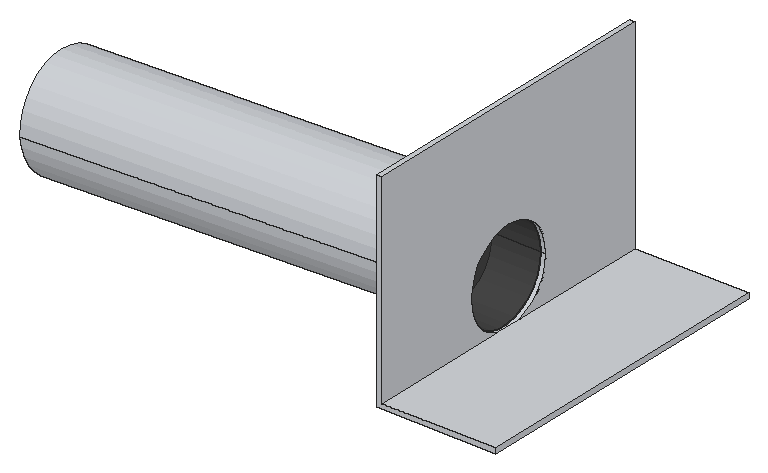
Revit family "BRU_ПарапетнаяВоронка", category Обобщенные модели, Revit 2021
Family settings
  Может служить основой для арматурных стержней = Нет
  Размер круглого соединителя = Использовать диаметр
  Тип детали = Нормальный
  На основе рабочей плоскости = Нет
  Всегда вертикально = Да
  При загрузке вырезать с полостями = Нет
  Общий = Нет
  Точка принадлежности помещению = Нет
Parameters (values of type "Парапетная воронка")
  уклон [instance] = 2.00°
  длина_подсказка [instance] = "макс. длина = 445 мм"  # constant formula
  длина [instance] = 446 mm
  Отметка по умолчанию = 0 mm
  Группа модели = "Парапетная воронка"
  l = 320 mm  # constant formula
  h2 = DN / 2  # 55 mm
  d = 100 mm
  L [instance] = длина - 90 mm  # 356 mm
  DN = 110 mm
  ADSK_Примечание [instance] = ""
  ADSK_Позиция [instance] = ""
  ADSK_Обозначение = "HL68Р.0/110"
  ADSK_Наименование = "Парапетная воронка с фланцем из ПВХ и отводящей трубой из ПП, DN110"
  ADSK_Масса = 0
  ADSK_Марка = ADSK_Обозначение  # "HL68Р.0/110"
  ADSK_Количество = 1  # constant formula
  ADSK_Завод-изготовитель = "HL"  # constant formula
  ADSK_Единица измерения = "шт."  # constant formula
  ADSK_Диаметр условный = DN  # 110 mm
Reference planes
  plane 1 "По центру (Вперед/Назад)": y = 0
  plane 2: z = 0
  plane 3 "По центру (Влево/Вправо)": x = 0
  plane 4 "11": z = 50
  plane 5 "2": z = 55
  plane 6: x = -29.872
  plane 7: x = 50
Forms (mm)
  Extrusion 1, solid
    sketch origin (-32.5, 0, 0) x (1, 0, 0) y (0, 0, 1)
      loop
        line (82.5, 210.164) -> (82.5, 0) -> (202.5, 0) -> (202.5, 5) -> (87.5, 5) -> (87.5, 210.164) -> (82.5, 210.164)
    from -160 to 160
  Extrusion 2, solid, material "Новый материал (по умолчанию)"
    sketch origin (0, 0, 0) x (0, 1, 0) y (0, 0, 1)
      loop
        circle (0, 50) r 50
    from 0 to 50
  Revolve 3, void
    sketch origin (0, 0, 50) x (-1, 0, 0) y (0, -1, 0)
      loop
        line (-0.719, 0) -> (-0.719, 47.383) -> (-55.399, 47.383) -> (-55.399, 0) -> (-0.719, 0)
      axis (-55.399, 0) -> (-0.719, 0)
    angle from 0 to 360
  Blend 4, solid
    base sketch origin (0, 0, 0) x (0, 1, 0) y (0, 0, 1)
      loop
        circle (0, 50) r 50
    top sketch origin (0, 0, 0) x (0, 1, 0) y (0, 0, 1)
      loop
        circle (0, 55) r 55
    from 0 to -29.872
  Extrusion 5, solid
    sketch origin (-39.821, 0, 53.368) x (0, -1, 0) y (-0.034899, 0, 0.999391)
      loop
        circle (-1.1, 1.284) r 55
    from -12 to 356 <- "L"
Cuts and joins
  Revolve 3 cuts Extrusion 1
  Revolve 3 cuts Extrusion 2
Lines and regions (mm)
  reference lines
    curve 1: line (-29.872, 0, 55) -> (-39.866, 0, 54.651)
Dimensions and locks
  locked: Extrusion 1 sketch curve to Extrusion 1 sketch curve at 5
  locked: Extrusion 1 sketch curve to plane 2 at 5
  equal spacing: Extrusion 1, plane 1 "По центру (Вперед/Назад)", Extrusion 1
  "l": Extrusion 1 to Extrusion 1
  locked: Extrusion 1 to plane 2 at 210.164
  locked: plane 4 "11" to plane 2 at 50
  "h2": plane 5 "2" to plane 2
  locked: plane 3 "По центру (Влево/Вправо)" to plane 6 at 29.872
  plane 7 to Extrusion 5 = 445.649 mm
  plane 7 to plane 3 "По центру (Влево/Вправо)" = 50 mm
  plane 7 to cut or joined group of Extrusion 1, Revolve 3 = 120 mm
  "d": diameter of Blend 4 sketch curve
  "DN": diameter of Blend 4 sketch curve
  "DN": diameter of Extrusion 5 sketch curve
  "уклон": angle plane 5 "2" to curve 1
  aligned and locked: level to plane 2
  aligned and locked: Extrusion 1 sketch curve to plane 2
  aligned and locked: Extrusion 2 to Extrusion 1
  aligned and locked: plane 5 "2" to curve 1
  aligned and locked: plane 6 to curve 1
  aligned and locked: cut or joined group of Extrusion 1, Revolve 3 to plane 7
Automatic sketch dimensions
  plane 3 "По центру (Влево/Вправо)" to Extrusion 1 sketch curve = 50 mm
  Extrusion 1 sketch curve to Extrusion 1 sketch curve = 115 mm
  Extrusion 2 sketch curve to plane 1 "По центру (Вперед/Назад)" = 0 mm
  Extrusion 2 sketch curve to plane 4 "11" = 0 mm
  plane 1 "По центру (Вперед/Назад)" to Revolve 3 sketch curve = 0 mm  (x2)
  plane 3 "По центру (Влево/Вправо)" to Revolve 3 sketch curve = 55.399 mm
  Revolve 3 sketch curve to Revolve 3 sketch curve = 54.679 mm
  plane 1 "По центру (Вперед/Назад)" to Revolve 3 sketch curve = 47.383 mm
  Revolve 3 sketch curve to Revolve 3 sketch curve = 1944.601 mm
  Revolve 3 sketch curve to plane 3 "По центру (Влево/Вправо)" = 2000 mm
  plane 4 "11" to Extrusion 1 sketch curve = 160.164 mm
  Blend 4 sketch curve to plane 1 "По центру (Вперед/Назад)" = 0 mm  (x2)
  Blend 4 sketch curve to plane 4 "11" = 0 mm
  Blend 4 sketch curve to plane 5 "2" = 0 mm
  Extrusion 5 sketch curve to plane 1 "По центру (Вперед/Назад)" = 1.1 mm
  radius of Extrusion 2 sketch curve = 50 mm
Connectors
  piping at (-395.649, 1.1, 42.227), diameter 110, driven by "DN", driven by "уклон"
    settings: on Extrusion 5, index 1, connector inside diameter 609.6 mm, connector length 0 mm, flow factor 0, pipe flow 0.0 L/s, pressure drop 0.0 Pa, fitting loss kfactor 0, connector angle 2.00°, fixture units 0, engagement length 0 mm, angle of deflection 0.00°, flow configuration 0, flow direction 0, fitting loss method 0, system type 28, joint type 0, gender type 0, connector reference index -1, connector utility 0, adjustable connector yes, is connector primary yes, connector description ""
